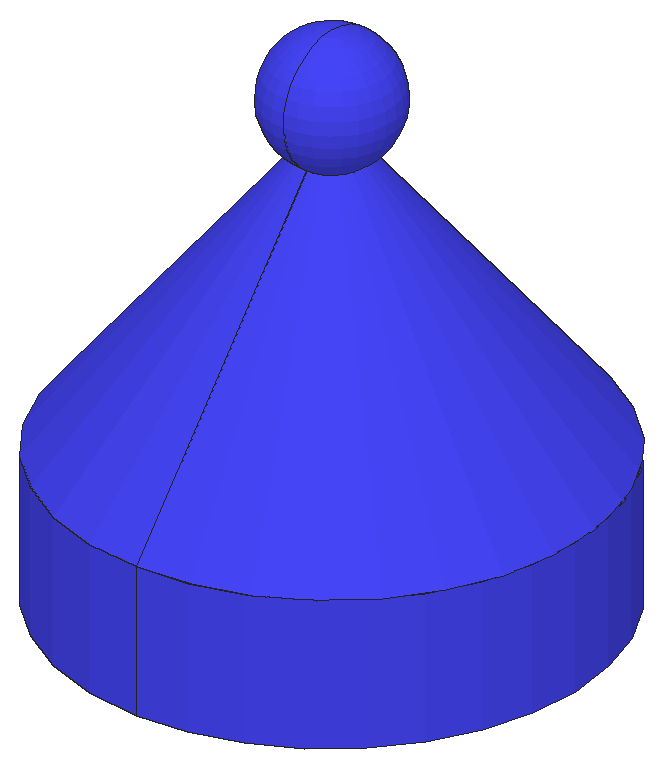
Revit family "Auflager", category Auflagerbedingungen, Revit 2023
Family settings
  Arbeitsebenenbasiert = Nein
  Immer vertikal = Ja
  Beim Laden mit Abzugskörper schneiden = Nein
  Gemeinsam genutzt = Nein
Parameters (values of type "gelenkig")
  built-in parameter 1140532 [instance] = (empty or 0)
  built-in parameter 1140531 [instance] = (empty or 0)
  built-in parameter 1140530 [instance] = (empty or 0)
  built-in parameter 1140529 [instance] = (empty or 0)
  built-in parameter 1140528 [instance] = (empty or 0)
  built-in parameter 1140527 [instance] = (empty or 0)
  built-in parameter 1140526 [instance] = (empty or 0)
  built-in parameter 1140525 [instance] = (empty or 0)
  built-in parameter 1140524 [instance] = (empty or 0)
  built-in parameter 1140523 [instance] = (empty or 0)
  built-in parameter 1140522 [instance] = (empty or 0)
  built-in parameter 1140521 [instance] = (empty or 0)
  nur Vertikal = no
  Gelenkig = yes
  Eingespannt = no
Types (3, lengths in mm): name | nur Vertikal | Gelenkig | Eingespannt
  gelenkig | no | yes | no
  eingespannt | no | no | yes
  nur vertikal | yes | no | no
Reference planes
  plane 1 "Mitte (Vorne/hinten)": y = 0
  plane 2: z = 0
  plane 3 "Mitte (Links/rechts)": x = 0
  plane 4: y = 101.6
  plane 5: y = -101.6
Forms (mm)
  Revolve 1, solid, material "Z-Richtung", visible <- "Gelenkig"
    sketch origin (0, 0, 0) x (0, 1, 0) y (0, 0, 1)
      loop
        line (-16.716, -26.993) -> (-128, -164.417) -> (-128, -234.116) -> (0, -234.116) -> (0, 31.75)
        arc (0, 31.75) -> (-30.538, 8.69) -> (-16.716, -26.993) r 31.75
      axis (0, 31.75) -> (0, -234.116)
    angle from 0 to 360
  Extrusion 2, solid, material "Y-Richtung", visible <- "Eingespannt"
    sketch origin (0, 0, 0) x (0, 1, 0) y (0, 0, 1)
      loop
        line (127.878, 30) -> (-127.878, 30) -> (-127.878, -234.116) -> (127.878, -234.116) -> (127.878, 30)
    from 128 to -128
  Revolve 3, solid, material "Z-Richtung", visible <- "nur Vertikal"
    sketch origin (0, 0, 0) x (0, 1, 0) y (0, 0, 1)
      loop
        line (-16.716, -26.993) -> (-128, -164.417) -> (-128, -234.116) -> (0, -234.116) -> (0, 31.75)
        arc (0, 31.75) -> (-30.538, 8.69) -> (-16.716, -26.993) r 31.75
      axis (0, 31.75) -> (0, -234.116)
    angle from 0 to 360
  Revolve 4, solid, material "X-Richtung", visible <- "nur Vertikal"
    sketch origin (0, 0, 0) x (1, 0, 0) y (0, 0, 1)
      loop
        line (-101.6, -234.116) -> (-101.6, -316.716)
        arc (-101.6, -316.716) -> (-60.3, -275.416) -> (-101.6, -234.116) r 41.3
      axis (-101.6, -316.716) -> (-101.6, -234.116)
    angle from 0 to 360
  Revolve 5, solid, material "X-Richtung", visible <- "nur Vertikal"
    sketch origin (203.2, 0, 0) x (1, 0, 0) y (0, 0, 1)
      loop
        line (-101.6, -234.116) -> (-101.6, -316.716)
        arc (-101.6, -316.716) -> (-60.3, -275.416) -> (-101.6, -234.116) r 41.3
      axis (-101.6, -316.716) -> (-101.6, -234.116)
    angle from 0 to 360
  Revolve 6, solid, material "Y-Richtung", visible <- "nur Vertikal"
    sketch origin (0, 0, 0) x (0, 1, 0) y (0, 0, 1)
      loop
        line (-101.6, -234.116) -> (-101.6, -316.716)
        arc (-101.6, -316.716) -> (-60.3, -275.416) -> (-101.6, -234.116) r 41.3
      axis (-101.6, -234.116) -> (-101.6, -316.716)
    angle from 0 to 360
  Revolve 7, solid, material "Y-Richtung", visible <- "nur Vertikal"
    sketch origin (0, 203.2, 0) x (0, 1, 0) y (0, 0, 1)
      loop
        line (-101.6, -234.116) -> (-101.6, -316.716)
        arc (-101.6, -316.716) -> (-60.3, -275.416) -> (-101.6, -234.116) r 41.3
      axis (-101.6, -234.116) -> (-101.6, -316.716)
    angle from 0 to 360
Lines and regions (mm)
  symbolic lines, visible <- "Eingespannt"
    curve 1: line (0, 127.878, -234.116) -> (0, 159.425, -279.169)
    curve 2: line (0, -128.122, -234.116) -> (0, -96.575, -279.169)
    curve 3: line (0, 76.678, -234.116) -> (0, 108.225, -279.169)
    curve 4: line (0, 25.478, -234.116) -> (0, 57.025, -279.169)
    curve 5: line (0, -25.722, -234.116) -> (0, 5.825, -279.169)
    curve 6: line (0, -76.922, -234.116) -> (0, -45.375, -279.169)
    curve 7: line (-128, 0, -234.116) -> (-159.547, 0, -279.169)
    curve 8: line (128, 0, -234.116) -> (96.453, 0, -279.169)
    curve 9: line (-76.8, 0, -234.116) -> (-108.347, 0, -279.169)
    curve 10: line (-25.6, 0, -234.116) -> (-57.147, 0, -279.169)
    curve 11: line (25.6, 0, -234.116) -> (-5.947, 0, -279.169)
    curve 12: line (76.8, 0, -234.116) -> (45.253, 0, -279.169)
Dimensions and locks
  equal spacing: group 1, group 3, group 4, group 5, group 6, group 2  (x2)
  equal spacing: group 2, group 6, group 5, group 4, group 3, group 1
  equal spacing: group 7, group 9, group 10, group 11, group 12, group 8  (x3)
